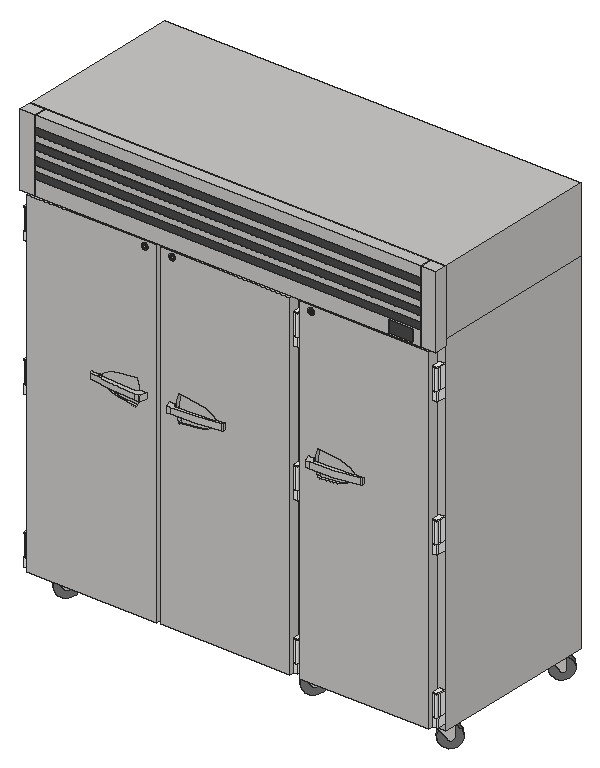
Revit family "QF_Turbo Air_PRO-77F", category Specialty Equipment, Revit 2014
Parameters
  Width = 6' - 5 3/4"  # constant formula
  Weight in Pounds = 728
  Watermarked By = ""
  Volts = 208 V
  URL Cutsheet = ""
  URL = "www.turboairinc.com"
  Status [instance] = ""
  Specification by User [instance] = ""
  Specification by Manufacturer [instance] = ""
  Serial Number [instance] = ""
  Revision Code [instance] = ""
  Phase = 1
  Overall Height [instance] = Box Height + CasterLeg Height  # 6' - 11"
  Number of Poles [instance] = 1
  NAFEM Spec ID Number [instance] = ""
  Model = "PRO-77F"
  Masterspec [instance] = ""
  Manufacturer = "Turbo Air"  # constant formula
  Door Height = 5' - 3 1/4"  # constant formula
  Description = "Freezer, Reach In"
  Assembly Code = "E1090320"
  6 inch Legs [instance] = no
  Item Number [instance] = "-"
  Installed By [instance] = ""
  HP = "1 1/2"
  Furnished By [instance] = ""
  Foodservice Equipment Identifier = yes
  FL Amps = 10.4 A
  Electrical Remarks [instance] = ""
  Electric Connection Type = "115/208V-230V NEUTRAL REQUIRED"
  Elec Conn RI Height [instance] = 0' - 0"
  Elec Conn Connection Height = 6' - 4 7/8"
  Cycle = 60 Hz
  Conn Plug = "NEMA L14-20P"
  Casters [instance] = not([6 inch Legs])  # yes
  CasterLeg Height [instance] = if(or([5 inch Casters], [6 inch Legs]), 0' 6", 0' 5")  # 0' - 5"
  CSI MasterFormat = "11 41 13"
  Box Height = 6' - 6"  # constant formula
  Apparent Power = if(Phase = 3, Volts * FL Amps * 1.73, Volts * FL Amps)  # 2163.2 VA
  5 inch Casters [instance] = no
Reference planes (in)
  plane 1 "BACK": y = 0
  plane 2: z = 0
  plane 3 "LEFT": x = -16.56573
  plane 4 "RIGHT": x = 61.18427
  plane 5 "FRONT": y = -33.875
  plane 6 "Box Front": y = -31.5
  plane 7 "Door Clearance": y = -57.75
  plane 8 "TOP": z = 83
  plane 9 "Box Bottom": z = 5
  plane 10 "Door Bottom": z = 5.875
  plane 11 "Door Top": z = 69.125
  plane 12 "Inside Left": x = -14.56573
  plane 13 "Inside Right": x = 59.18427
  plane 14 "Inside Back": y = -2
  plane 15 "Inside Front": y = -29.5
  plane 16 "Inside Top": z = 70.75
  plane 17 "Center LR": x = 22.30927
  plane 18 "Cowl Bottom": z = 69.5
  plane 19 "Left Door Left": x = -15.31573
  plane 20 "Left Door Right": x = 8.93427
  plane 21 "Right Door Left": x = 35.68427
  plane 22 "Right Door Right": x = 59.93427
  plane 23 "Center Left": x = 9.30927
  plane 24 "Middle Door Left": x = 9.68427
  plane 25 "Middle Door Right": x = 33.93427
  plane 26 "Center Right": x = 35.30927
Forms (in)
  Extrusion 1, solid, material "QF_Stainless-Polished"
    sketch origin (0, 0, 5) x (0, 1, 0) y (-1, 0, 0)
      loop
        line (-31.5, 16.56573) -> (-31.5, 13.81573) -> (-29.5, 13.81573) -> (-29.5, 14.56573) -> (-2, 14.56573) -> (-2, -59.18427) -> (-29.5, -59.18427) -> (-29.5, -58.43427) -> (-31.5, -58.43427) -> (-31.5, -61.18427) -> (0, -61.18427) -> (0, 16.56573) -> (-31.5, 16.56573)
    from 0 to 65.75
  Extrusion 2, solid, material "QF_Stainless-Polished"
    sketch origin (-14.56573, 0, 0) x (0, 1, 0) y (0, 0, 1)
      loop
        line (-29.5, 7.75) -> (-29.5, 5) -> (-2, 5) -> (-2, 7.75) -> (-29.5, 7.75)
      loop
        line (-29.5, 70.75) -> (-29.5, 69.375) -> (-2, 69.375) -> (-2, 70.75) -> (-29.5, 70.75)
    from 0 to 73.75
  Extrusion 3, solid, material "QF_Stainless-Polished"
    sketch origin (-14.56573, 0, 0) x (0, 1, 0) y (0, 0, 1)
      loop
        line (-29.5, 5) -> (-29.5, 8.25) -> (-31.5, 8.25) -> (-31.5, 5) -> (-29.5, 5)
      loop
        line (-31.5, 70.75) -> (-31.5, 67) -> (-29.5, 67) -> (-29.5, 70.75) -> (-31.5, 70.75)
    from 0.75 to 73
  Extrusion 4, solid, material "QF_Stainless-Polished"
    sketch origin (0, 0, 83) x (0, 1, 0) y (-1, 0, 0)
      loop
        line (0, 16.56573) -> (-31.5, 16.56573) -> (-31.5, -61.18427) -> (0, -61.18427) -> (0, 16.56573)
    from 0 to -12.25
  Extrusion 5, solid, material "QF_Stainless-Polished"
    sketch origin (-14.56573, 0, 0) x (0, 1, 0) y (0, 0, 1)
      loop
        line (-2, 69.375) -> (-27.25, 69.375) -> (-25, 68.125) -> (-13.25, 68.125) -> (-3.25, 65.625) -> (-2, 65.625) -> (-2, 69.375)
    from 0 to 73.75
  Extrusion 6, solid, material "QF_Stainless-Polished"
    sketch origin (22.30927, 0, 0) x (0, 1, 0) y (0, 0, 1)
      loop
        line (-3.25, 65.625) -> (-3.25, 28.875) -> (-2, 28.875) -> (-2, 65.625) -> (-3.25, 65.625)
    from 0.25 to -0.25
  Extrusion 7, solid, material "QF_Plastic-Black-Fine Textured"
    sketch origin (0, -31.5, 0) x (1, 0, 0) y (0, 0, 1)
      loop
        line (-14.31573, 67.75) -> (-14.31573, 7.25) -> (7.93427, 7.25) -> (7.93427, 67.75) -> (-14.31573, 67.75)
      loop
        line (58.93427, 7.25) -> (58.93427, 67.75) -> (36.68427, 67.75) -> (36.68427, 7.25) -> (58.93427, 7.25)
      loop
        line (-14.56573, 7) -> (8.18427, 7) -> (8.18427, 68) -> (-14.56573, 68) -> (-14.56573, 7)
      loop
        line (59.18427, 68) -> (36.43427, 68) -> (36.43427, 7) -> (59.18427, 7) -> (59.18427, 68)
      loop
        line (10.68427, 67.75) -> (10.68427, 7.25) -> (32.93427, 7.25) -> (32.93427, 67.75) -> (10.68427, 67.75)
      loop
        line (10.43427, 7) -> (33.18427, 7) -> (33.18427, 68) -> (10.43427, 68) -> (10.43427, 7)
    from 0 to 0.625
  Extrusion 8, solid, material "QF_Stainless-Polished"
    sketch origin (0, -31.5, 0) x (1, 0, 0) y (0, 0, 1)
      loop
        line (-16.56573, 83) -> (-16.56573, 69.5) -> (-13.75323, 69.5) -> (-13.75323, 83) -> (-16.56573, 83)
      loop
        line (61.18427, 83) -> (58.37177, 83) -> (58.37177, 69.5) -> (61.18427, 69.5) -> (61.18427, 83)
    from 0 to 2.375
  Extrusion 9, solid, material "QF_Stainless-Polished"
    sketch origin (0, -31.5, 0) x (1, 0, 0) y (0, 0, 1)
      loop
        line (-13.75323, 83) -> (-13.75323, 81) -> (58.37177, 81) -> (58.37177, 83) -> (-13.75323, 83)
      loop
        line (-13.75323, 69.5) -> (58.37177, 69.5) -> (58.37177, 72.25) -> (-13.75323, 72.25) -> (-13.75323, 69.5)
      loop
        arc (56.87177, 71.75) -> (56.81686, 71.88258) -> (56.68427, 71.9375) r 0.1875
        line (56.68427, 71.9375) -> (52.55927, 71.9375)
        arc (52.55927, 71.9375) -> (52.42669, 71.88258) -> (52.37177, 71.75) r 0.1875
        line (52.37177, 71.75) -> (52.37177, 69.9375)
        arc (52.37177, 69.9375) -> (52.42669, 69.80492) -> (52.55927, 69.75) r 0.1875
        line (52.55927, 69.75) -> (56.68427, 69.75)
        arc (56.68427, 69.75) -> (56.81686, 69.80492) -> (56.87177, 69.9375) r 0.1875
        line (56.87177, 69.9375) -> (56.87177, 71.75)
    from 0 to 2.375
  Extrusion 10, solid, material "QF_Stainless-Polished"
    sketch origin (0, -31.5, 0) x (1, 0, 0) y (0, 0, 1)
      loop
        line (-13.75323, 79.6875) -> (-13.75323, 78.5625) -> (58.37177, 78.5625) -> (58.37177, 79.6875) -> (-13.75323, 79.6875)
      loop
        line (58.37177, 77.1875) -> (-13.75323, 77.1875) -> (-13.75323, 76.0625) -> (58.37177, 76.0625) -> (58.37177, 77.1875)
      loop
        line (58.37177, 74.6875) -> (-13.75323, 74.6875) -> (-13.75323, 73.5625) -> (58.37177, 73.5625) -> (58.37177, 74.6875)
    from 0 to 2.375
  Extrusion 11, solid, material "QF_Plastic-Black-Fine Textured"
    sketch origin (0, -31.5, 0) x (1, 0, 0) y (0, 0, 1)
      loop
        line (-13.75323, 81) -> (-13.75323, 79.6875) -> (58.37177, 79.6875) -> (58.37177, 81) -> (-13.75323, 81)
      loop
        line (-13.75323, 78.5625) -> (-13.75323, 77.1875) -> (58.37177, 77.1875) -> (58.37177, 78.5625) -> (-13.75323, 78.5625)
      loop
        line (-13.75323, 76.0625) -> (-13.75323, 74.6875) -> (58.37177, 74.6875) -> (58.37177, 76.0625) -> (-13.75323, 76.0625)
      loop
        line (-13.75323, 73.5625) -> (-13.75323, 72.25) -> (58.37177, 72.25) -> (58.37177, 73.5625) -> (-13.75323, 73.5625)
    from 0 to 2.375
  Extrusion 12, solid, material "QF_Plastic-Black-Fine Textured"
    sketch origin (0, -31.5, 0) x (1, 0, 0) y (0, 0, 1)
      loop
        arc (52.55927, 71.9375) -> (52.42669, 71.88258) -> (52.37177, 71.75) r 0.1875
        line (52.37177, 71.75) -> (52.37177, 69.9375)
        arc (52.37177, 69.9375) -> (52.42669, 69.80492) -> (52.55927, 69.75) r 0.1875
        line (52.55927, 69.75) -> (56.68427, 69.75)
        arc (56.68427, 69.75) -> (56.81686, 69.80492) -> (56.87177, 69.9375) r 0.1875
        line (56.87177, 69.9375) -> (56.87177, 71.75)
        arc (56.87177, 71.75) -> (56.81686, 71.88258) -> (56.68427, 71.9375) r 0.1875
        line (56.68427, 71.9375) -> (52.55927, 71.9375)
    from 0 to 2.375
  Extrusion 13, solid, material "QF_Clearance", detail levels coarse+medium
    sketch origin (0, 0, 5.875) x (0, 1, 0) y (-1, 0, 0)
      loop
        line (-33.875, 16.56573) -> (-57.75, 16.56573)
        arc (-57.75, 16.56573) -> (-51.23446, -1.26072) -> (-33.875, -8.93427) r 24.25
        line (-33.875, -8.93427) -> (-33.875, 16.56573)
    from 0 to 63.25
  Extrusion 14, solid, material "QF_Clearance", detail levels coarse+medium
    sketch origin (26.25, 0, 5.875) x (0, 1, 0) y (-1, 0, 0)
      loop
        arc (-33.875, -9.43427) -> (-51.23446, -17.10783) -> (-57.75, -34.93427) r 24.25
        line (-57.75, -34.93427) -> (-33.875, -34.93427) -> (-33.875, -9.43427)
    from 0 to 63.25
  Extrusion 15, solid, material "QF_Stainless-Polished"
    sketch origin (0, -31.5, 0) x (1, 0, 0) y (0, 0, 1)
      loop
        line (11.24677, 67) -> (7.37177, 67) -> (7.37177, 8.25) -> (11.24677, 8.25) -> (11.24677, 67)
      loop
        line (37.24677, 67) -> (32.74677, 67) -> (32.74677, 8.25) -> (37.24677, 8.25) -> (37.24677, 67)
    from 0 to -2
  Extrusion 16, solid, material "QF_Clearance", detail levels coarse+medium
    sketch origin (0.25, 0, 5.875) x (0, 1, 0) y (-1, 0, 0)
      loop
        arc (-33.875, -9.43427) -> (-51.83307, -17.70642) -> (-57.75, -36.57201) r 24.37499
        line (-57.75, -36.57201) -> (-33.875, -36.57201) -> (-33.875, -9.43427)
    from 0 to 63.25
Lines and regions (in)
  symbolic lines
    curve 1: line (-16.56573, 0, 83) -> (61.18427, 0, 83)
    curve 2: line (-16.56573, -33.875, 83) -> (-16.56573, 0, 83)
    curve 3: line (61.18427, -33.875, 83) -> (-16.56573, -33.875, 83)
    curve 4: line (61.18427, 0, 83) -> (61.18427, -33.875, 83)
  symbolic lines, style "QF_Clearances_Door_Drawer"
    curve 5: line (-16.56573, -33.875, 5.875) -> (-16.56573, -57.75, 5.875)
    curve 6: arc (-16.56573, -57.75, 5.875) -> (1.26072, -51.23446, 5.875) -> (8.93427, -33.875, 5.875) r 24.25
    curve 7: arc (35.68427, -33.875, 5.875) -> (43.35783, -51.23446, 5.875) -> (61.18427, -57.75, 5.875) r 24.25
    curve 8: line (61.18427, -57.75, 5.875) -> (61.18427, -33.875, 5.875)
    curve 9: arc (9.68427, -33.875, 5.875) -> (17.95642, -51.83307, 5.875) -> (36.82201, -57.75, 5.875) r 24.37499
    curve 10: line (36.82201, -57.75, 5.875) -> (36.82201, -33.875, 5.875)
Dimensions and locks (in)
  "Width": plane 4 "RIGHT" to plane 3 "LEFT"
  plane 5 "FRONT" to plane 6 "Box Front" = 0' - 2 3/8"
  locked: plane 7 "Door Clearance" to plane 5 "FRONT" at 23.875
  "CasterLeg Height": plane 9 "Box Bottom" to level
  locked: plane 10 "Door Bottom" to plane 9 "Box Bottom" at 0.875
  "Box Height": plane 8 "TOP" to plane 9 "Box Bottom"
  locked: plane 8 "TOP" to plane 11 "Door Top" at 13.875
  locked: plane 3 "LEFT" to plane 12 "Inside Left" at 2
  locked: plane 13 "Inside Right" to plane 4 "RIGHT" at 2
  locked: plane 14 "Inside Back" to plane 1 "BACK" at 2
  plane 6 "Box Front" to plane 15 "Inside Front" = 0' - 2"
  locked: plane 12 "Inside Left" to Extrusion 1 sketch curve at 0.75
  locked: Extrusion 1 sketch curve to plane 13 "Inside Right" at 0.75
  locked: plane 8 "TOP" to plane 16 "Inside Top" at 12.25
  locked: plane 9 "Box Bottom" to Extrusion 2 sketch curve at 2.75
  locked: Extrusion 3 sketch curve to plane 9 "Box Bottom" at 3.25
  locked: plane 16 "Inside Top" to Extrusion 2 sketch curve at 1.375
  locked: Extrusion 3 sketch curve to plane 16 "Inside Top" at 3.75
  locked: plane 16 "Inside Top" to Extrusion 5 sketch curve at 1.375
  locked: Extrusion 5 sketch curve to Extrusion 5 sketch curve at 1.25
  locked: Extrusion 5 sketch curve to Extrusion 5 sketch curve at 11.75
  locked: Extrusion 5 sketch curve to plane 14 "Inside Back" at 25.25
  locked: Extrusion 5 sketch curve to plane 14 "Inside Back" at 1.25
  locked: Extrusion 5 sketch curve to plane 14 "Inside Back" at 11.25
  locked: Extrusion 5 sketch curve to Extrusion 5 sketch curve at 3.75
  equal spacing: plane 3 "LEFT", plane 17 "Center LR", plane 4 "RIGHT"
  locked: plane 16 "Inside Top" to Extrusion 6 sketch curve at 5.125
  locked: Extrusion 6 sketch curve to Extrusion 6 sketch curve at 36.75
  locked: Extrusion 6 sketch curve to plane 14 "Inside Back" at 1.25
  locked: Extrusion 7 sketch curve to Extrusion 7 sketch curve at 0.25  (x12)
  locked: Extrusion 7 sketch curve to plane 3 "LEFT" at 2
  locked: Extrusion 7 sketch curve to plane 4 "RIGHT" at 2
  locked: plane 11 "Door Top" to Extrusion 7 sketch curve at 1.125  (x3)
  locked: Extrusion 7 sketch curve to plane 10 "Door Bottom" at 1.125  (x3)
  locked: plane 18 "Cowl Bottom" to plane 11 "Door Top" at 0.375
  locked: plane 3 "LEFT" to nested 1 at 3
  locked: nested 1 to plane 1 "BACK" at 2.5
  locked: plane 3 "LEFT" to nested 2 at 3
  locked: plane 6 "Box Front" to nested 2 at 2.8125
  locked: nested 3 to plane 4 "RIGHT" at 3
  locked: nested 3 to plane 1 "BACK" at 2.5
  locked: nested 4 to plane 4 "RIGHT" at 3
  locked: plane 6 "Box Front" to nested 4 at 2.8125
  locked: plane 3 "LEFT" to Extrusion 8 sketch curve at 2.8125
  locked: Extrusion 8 sketch curve to plane 4 "RIGHT" at 2.8125
  locked: Extrusion 9 sketch curve to plane 3 "LEFT" at 2.8125  (x2)
  locked: plane 8 "TOP" to Extrusion 9 sketch curve at 2
  locked: Extrusion 9 sketch curve to plane 4 "RIGHT" at 2.8125  (x2)
  locked: Extrusion 9 sketch curve to plane 18 "Cowl Bottom" at 2.75
  locked: Extrusion 9 sketch curve to Extrusion 9 sketch curve at 4.5
  locked: Extrusion 9 sketch curve to plane 4 "RIGHT" at 4.3125
  locked: Extrusion 9 sketch curve to Extrusion 9 sketch curve at 2.1875
  locked: Extrusion 9 sketch curve to Extrusion 9 sketch curve at 0.3125
  locked: Extrusion 10 sketch curve to plane 3 "LEFT" at 2.8125  (x3)
  locked: Extrusion 10 sketch curve to plane 4 "RIGHT" at 2.8125  (x3)
  locked: plane 8 "TOP" to Extrusion 10 sketch curve at 3.3125
  locked: Extrusion 10 sketch curve to Extrusion 10 sketch curve at 1.125  (x3)
  locked: Extrusion 10 sketch curve to Extrusion 10 sketch curve at 1.375  (x2)
  locked: plane 3 "LEFT" to plane 19 "Left Door Left" at 1.25
  locked: plane 19 "Left Door Left" to plane 20 "Left Door Right" at 24.25
  locked: plane 22 "Right Door Right" to plane 4 "RIGHT" at 1.25
  locked: plane 21 "Right Door Left" to plane 22 "Right Door Right" at 24.25
  locked: plane 16 "Inside Top" to Extrusion 15 sketch curve at 3.75  (x2)
  locked: Extrusion 15 sketch curve to plane 9 "Box Bottom" at 3.25  (x2)
  locked: Extrusion 7 sketch curve to plane 20 "Left Door Right" at 0.75
  locked: Extrusion 7 sketch curve to plane 21 "Right Door Left" at 0.75
  plane 20 "Left Door Right" to plane 23 "Center Left" to plane 24 "Middle Door Left" = 0' - 0 3/8" locked, 0' - 0 3/8" locked
  locked: plane 26 "Center Right" to plane 21 "Right Door Left" at 0.375
  locked: plane 25 "Middle Door Right" to plane 21 "Right Door Left" at 1.75
  locked: Extrusion 7 sketch curve to plane 24 "Middle Door Left" at 0.75
  locked: plane 25 "Middle Door Right" to Extrusion 7 sketch curve at 0.75
  locked: Extrusion 15 sketch curve to plane 23 "Center Left" at 1.9375  (x2)
  locked: Extrusion 15 sketch curve to plane 26 "Center Right" at 1.9375
  locked: Extrusion 15 sketch curve to Extrusion 15 sketch curve at 4.5
  locked: nested 8 to plane 1 "BACK" at 2.5
  locked: nested 8 to plane 21 "Right Door Left" at 3
  locked: nested 9 to plane 21 "Right Door Left" at 3
  locked: plane 6 "Box Front" to nested 9 at 2.8125
  locked: plane 6 "Box Front" to plane 1 "BACK" at 31.5
  aligned and locked: level to plane 2
  aligned and locked: Extrusion 1 sketch curve to plane 3 "LEFT"
  aligned and locked: plane 12 "Inside Left" to Extrusion 1 sketch curve
  aligned and locked: Extrusion 1 sketch curve to plane 13 "Inside Right"
  aligned and locked: plane 4 "RIGHT" to Extrusion 1 sketch curve
  aligned and locked: plane 14 "Inside Back" to Extrusion 1 sketch curve
  aligned and locked: Extrusion 1 sketch curve to plane 1 "BACK"
  aligned and locked: Extrusion 1 sketch curve to plane 15 "Inside Front"  (x2)
  aligned and locked: plane 6 "Box Front" to Extrusion 1 sketch curve  (x2)
  aligned and locked: plane 16 "Inside Top" to Extrusion 1
  aligned and locked: plane 9 "Box Bottom" to Extrusion 2 sketch curve
  aligned and locked: plane 15 "Inside Front" to Extrusion 2 sketch curve
  aligned and locked: plane 14 "Inside Back" to Extrusion 2 sketch curve  (x2)
  aligned and locked: plane 13 "Inside Right" to Extrusion 2
  aligned and locked: plane 6 "Box Front" to Extrusion 3 sketch curve  (x2)
  aligned and locked: Extrusion 3 sketch curve to plane 9 "Box Bottom"
  aligned and locked: Extrusion 3 sketch curve to plane 15 "Inside Front"  (x2)
  aligned and locked: Extrusion 3 to Extrusion 1  (x2)
  aligned and locked: Extrusion 2 sketch curve to plane 16 "Inside Top"
  aligned and locked: Extrusion 2 sketch curve to plane 15 "Inside Front"
  aligned and locked: plane 16 "Inside Top" to Extrusion 3 sketch curve
  aligned and locked: plane 1 "BACK" to Extrusion 4 sketch curve
  aligned and locked: plane 3 "LEFT" to Extrusion 4 sketch curve
  aligned and locked: Extrusion 4 sketch curve to plane 6 "Box Front"
  aligned and locked: Extrusion 4 sketch curve to plane 4 "RIGHT"
  aligned and locked: Extrusion 4 to plane 16 "Inside Top"
  aligned and locked: plane 14 "Inside Back" to Extrusion 5 sketch curve
  aligned and locked: plane 13 "Inside Right" to Extrusion 5
  aligned and locked: Extrusion 6 sketch curve to plane 14 "Inside Back"
  aligned and locked: plane 5 "FRONT" to Extrusion 8
  aligned and locked: plane 3 "LEFT" to curve 2
  aligned and locked: curve 3 to plane 5 "FRONT"
  aligned and locked: curve 4 to plane 4 "RIGHT"
  aligned and locked: plane 1 "BACK" to curve 1
  aligned and locked: plane 18 "Cowl Bottom" to Extrusion 8 sketch curve
  aligned and locked: plane 3 "LEFT" to Extrusion 8 sketch curve
  aligned and locked: Extrusion 8 sketch curve to plane 8 "TOP"
  aligned and locked: plane 8 "TOP" to Extrusion 8 sketch curve
  aligned and locked: plane 4 "RIGHT" to Extrusion 8 sketch curve
  aligned and locked: Extrusion 8 sketch curve to plane 18 "Cowl Bottom"
  aligned and locked: Extrusion 9 sketch curve to plane 8 "TOP"
  aligned and locked: plane 18 "Cowl Bottom" to Extrusion 9 sketch curve
  aligned and locked: plane 5 "FRONT" to Extrusion 9
  aligned and locked: plane 5 "FRONT" to Extrusion 10
  aligned and locked: Extrusion 11 sketch curve to Extrusion 9  (x4)
  aligned and locked: Extrusion 11 sketch curve to Extrusion 10  (x12)
  aligned and locked: plane 5 "FRONT" to Extrusion 11
  aligned and locked: Extrusion 12 sketch curve to Extrusion 9  (x4)
  aligned and locked: plane 5 "FRONT" to Extrusion 12
  aligned and locked: plane 10 "Door Bottom" to nested 5
  aligned and locked: nested 5 to plane 11 "Door Top"
  aligned and locked: plane 3 "LEFT" to nested 5
  aligned and locked: plane 20 "Left Door Right" to nested 5
  aligned and locked: plane 11 "Door Top" to Extrusion 13
  aligned and locked: nested 6 to plane 10 "Door Bottom"
  aligned and locked: plane 4 "RIGHT" to nested 6
  aligned and locked: plane 11 "Door Top" to Extrusion 14
  aligned and locked: nested 7 to plane 10 "Door Bottom"
  aligned and locked: plane 25 "Middle Door Right" to nested 7
  aligned and locked: plane 11 "Door Top" to Extrusion 16
Automatic sketch dimensions
  Extrusion 9 sketch curve to Extrusion 9 sketch curve = 0' - 0 3/16"  (x4)
  curve 7 to plane 4 "RIGHT" = 0' - 0"
  plane 7 "Door Clearance" to curve 7 = 0' - 0"
  curve 5 to plane 3 "LEFT" = 0' - 0"
  plane 7 "Door Clearance" to curve 5 = 0' - 0"
  plane 7 "Door Clearance" to curve 10 = 0' - 0"
  plane 5 "FRONT" to curve 5 = 0' - 0"
  plane 5 "FRONT" to curve 6 = 0' - 0"
  plane 5 "FRONT" to curve 7 = 0' - 0"
  plane 5 "FRONT" to curve 8 = 0' - 0"
  plane 5 "FRONT" to curve 9 = 0' - 0"
  plane 5 "FRONT" to curve 10 = 0' - 0"
  curve 7 to plane 21 "Right Door Left" = 0' - 0"
  curve 9 to plane 24 "Middle Door Left" = 0' - 0"
  curve 6 to plane 20 "Left Door Right" = 0' - 0"
  plane 19 "Left Door Left" to curve 6 = 0' - 0.00242"
  curve 7 to plane 22 "Right Door Right" = 0' - 0.00242"
  plane 25 "Middle Door Right" to curve 9 = 0' - 0.12258"
  curve 10 to curve 9 = 0' - 0.34264"
  Extrusion 13 sketch curve to plane 3 "LEFT" = 0' - 0"
  plane 7 "Door Clearance" to Extrusion 13 sketch curve = 0' - 0"
  plane 5 "FRONT" to Extrusion 13 sketch curve = 0' - 0"
  Extrusion 13 sketch curve to plane 20 "Left Door Right" = 0' - 0"
  plane 19 "Left Door Left" to Extrusion 13 sketch curve = 0' - 0.00242"
  Extrusion 14 sketch curve to plane 4 "RIGHT" = 0' - 0"
  plane 7 "Door Clearance" to Extrusion 14 sketch curve = 0' - 0"
  plane 5 "FRONT" to Extrusion 14 sketch curve = 0' - 0"
  Extrusion 14 sketch curve to plane 21 "Right Door Left" = 0' - 0"
  Extrusion 14 sketch curve to plane 22 "Right Door Right" = 0' - 0.00242"
  plane 7 "Door Clearance" to Extrusion 16 sketch curve = 0' - 0"
  plane 5 "FRONT" to Extrusion 16 sketch curve = 0' - 0"
  Extrusion 16 sketch curve to plane 24 "Middle Door Left" = 0' - 0"
  plane 25 "Middle Door Right" to Extrusion 16 sketch curve = 0' - 0.12258"
  Extrusion 16 sketch curve to Extrusion 16 sketch curve = 0' - 0.34264"
Nested families (in)
  nested 1: "FESCasterLeg" at (-13.56573, -2.5, 0), Casters <- "Casters", Legs <- "6 inch Legs", Height <- "CasterLeg Height", type "FESCasterLeg"
    with Legs no, Height 0' - 5", Casters yes, Caster Radius 0' - 2"
  nested 2: "FESCasterLeg" at (-13.56573, -28.6875, 0), Casters <- "Casters", Legs <- "6 inch Legs", Height <- "CasterLeg Height", type "FESCasterLeg"
    with Legs no, Height 0' - 5", Casters yes, Caster Radius 0' - 2"
  nested 3: "FESCasterLeg" at (58.18427, -2.5, 0), Casters <- "Casters", Legs <- "6 inch Legs", Height <- "CasterLeg Height", type "FESCasterLeg"
    with Legs no, Height 0' - 5", Casters yes, Caster Radius 0' - 2"
  nested 4: "FESCasterLeg" at (58.18427, -28.6875, 0), Casters <- "Casters", Legs <- "6 inch Legs", Height <- "CasterLeg Height", type "FESCasterLeg"
    with Legs no, Height 0' - 5", Casters yes, Caster Radius 0' - 2"
  nested 5: "QF_Turbo Air_RI-Solid Door" at (-7.63145, -32.125, 5.875) x (-1, 0, 0) z (0, 0, 1), Height <- "Door Height", type "QF_Turbo Air_RI-Solid Door"
    with Width 2' - 0 1/4", Symbolic Lines Handle yes, Symbolic Lines no, Height 5' - 3 1/4", Handle From Top 2' - 1 7/8", Center Hinge yes
  nested 6: "QF_Turbo Air_RI-Solid Door" at (52.25, -32.125, 5.875), Height <- "Door Height", type "QF_Turbo Air_RI-Solid Door"
    with Width 2' - 0 1/4", Symbolic Lines Handle yes, Symbolic Lines no, Height 5' - 3 1/4", Handle From Top 2' - 1 7/8", Center Hinge yes
  nested 7: "QF_Turbo Air_RI-Solid Door" at (26.25, -32.125, 5.875), Height <- "Door Height", type "QF_Turbo Air_RI-Solid Door"
    with Width 2' - 0 1/4", Symbolic Lines Handle yes, Symbolic Lines no, Height 5' - 3 1/4", Handle From Top 2' - 1 7/8", Center Hinge yes
  nested 8: "FESCasterLeg" at (32.68427, -2.5, 0), Casters <- "Casters", Legs <- "6 inch Legs", Height <- "CasterLeg Height", type "FESCasterLeg"
    with Legs no, Height 0' - 5", Casters yes, Caster Radius 0' - 2"
  nested 9: "FESCasterLeg" at (32.68427, -28.6875, 0), Casters <- "Casters", Legs <- "6 inch Legs", Height <- "CasterLeg Height", type "FESCasterLeg"
    with Legs no, Height 0' - 5", Casters yes, Caster Radius 0' - 2"
Connectors (in)
  electrical at (22.30927, 0, 76.875)
    settings: on Extrusion 4, index 1, voltage 0 V, apparent load 0 VA, apparent load phase1 0 VA, apparent load phase2 0 VA, apparent load phase3 0 VA, power factor 1, load classification "Other", number of poles 1, system type 31, power factor state 1, is connector primary yes, connector utility no, sub classification motor no, connector description ""
Definition of nested family "FESCasterLeg"
  Parameters
    Watermarked By = "http://revitwatermark.com"
    Type Comments = ""
    Legs [instance] = yes
    Height [instance] = 0' - 6"
    Caster Radius [instance] = if(Height < 0' 3", 0' 1", (Height / 2) - 0' 0 1/2")  # 0' - 2 1/2"
    Casters [instance] = yes
    Assembly Code = ""
  Reference planes (in)
    plane 1 "Center (Front/Back)": y = 0
    plane 2: z = 0
    plane 3 "Center (Left/Right)": x = 0
    plane 4: z = 6
    plane 5: z = 5.5
  Forms (in)
    Extrusion 1, solid, material "QF_Stainless-Polished", visible <- "Casters"
      sketch origin (-24.12131, -22.88887, 10.18833) x (0.707107, 0.707107, 0) y (0, 0, 1)
        loop
          line (34.98772, -7.68833) -> (34.98772, -4.93833) -> (34.48772, -4.93833) -> (34.39402, -4.68833) -> (32.39402, -4.68833) -> (32.39402, -5.43833) -> (33.98772, -7.34206) -> (33.98772, -7.68833)
          arc (33.98772, -7.68833) -> (34.48772, -8.18833) -> (34.98772, -7.68833) r 0.5
      from 0 to 1.75
    Extrusion 2, solid, material "QF_Rubber-Black", visible <- "Casters"
      sketch origin (-24.32327, -23.09083, 13.31461) x (0.707107, 0.707107, 0) y (0, 0, 1)
        loop
          circle (34.77334, -10.81461) r 2.5
      from 0.375 to 1.375
    Extrusion 3, solid, material "QF_Stainless-Polished", visible <- "Casters"
      sketch origin (-7.24148, -8.48391, 0) x (0.707107, 0.707107, 0) y (0, 0, 1)
        loop
          line (10.61603, 5.5) -> (11.61603, 5.5) -> (11.61603, 6) -> (10.61603, 6) -> (10.61603, 5.5)
      from 0 to -1.75
    Blend 4, solid, material "QF_Stainless-Polished", visible <- "Legs"
      base sketch origin (0, 0, 0) x (1, 0, 0) y (0, 1, 0)
        loop
          circle (0, 0) r 0.5
      top sketch origin (0, 0, 0) x (1, 0, 0) y (0, 1, 0)
        loop
          circle (0, 0) r 1
      from 0 to 6 <- "Height"
  Lines and regions (in)
    symbolic lines, style "QF_Details_Undercounter", visible <- "Casters", built-in parameter 1006206 <- "Casters"
      curve 1: line (-1.26158, -0.51911, 0) -> (1.39007, 2.13254, 0)
      curve 2: line (-0.53429, -1.24639, 0) -> (2.11736, 1.40526, 0)
    symbolic lines, style "QF_Details_Undercounter", built-in parameter 1006206 <- "Casters", visible <- "Casters"
      curve 3: line (-1.26158, -0.51911, 0) -> (1.39007, 2.13254, 0)
      curve 4: line (-0.53429, -1.24639, 0) -> (2.11736, 1.40526, 0)
  Dimensions and locks (in)
    locked: plane 4 to plane 5 at 0.5
    "Height": plane 4 to level
    "Caster Radius": Extrusion 2 sketch curve to level
    "Caster Radius": Extrusion 1 sketch curve to level
    "Caster Radius": radius of Extrusion 2 sketch curve
    aligned and locked: plane 2 to level
    aligned: Blend 4 to Extrusion 3
    aligned and locked: plane 4 to Blend 4
    aligned and locked: Extrusion 3 to plane 5
    aligned and locked: plane 4 to Extrusion 3
    aligned and locked: plane 5 to Extrusion 1
  Automatic sketch dimensions
    plane 1 "Center (Front/Back)" to curve 3 = 0' - 0.51911"
    curve 3 to plane 3 "Center (Left/Right)" = 0' - 1.26158"
    plane 1 "Center (Front/Back)" to curve 1 = 0' - 0.51911"
    curve 1 to curve 3 = 0' - 0"  (x3)
    curve 4 to plane 3 "Center (Left/Right)" = 0' - 0.53429"
    curve 2 to curve 4 = 0' - 0"  (x2)
    plane 3 "Center (Left/Right)" to curve 3 = 0' - 1.39007"
    curve 1 to curve 4 = 0' - 0.72729"
    curve 2 to curve 1 = 0' - 0.72729"
    curve 4 to curve 2 = 0' - 0"  (x2)
    curve 2 to plane 1 "Center (Front/Back)" = 0' - 1.40526"
    curve 2 to curve 3 = 0' - 0.72729"
    Extrusion 3 sketch curve to plane 5 = 0' - 0"
    plane 4 to Extrusion 3 sketch curve = 0' - 0"
    Extrusion 3 sketch curve to Extrusion 3 sketch curve = 0' - 1"
    plane 1 "Center (Front/Back)" to Blend 4 sketch curve = 0' - 0"  (x2)
    Blend 4 sketch curve to plane 3 "Center (Left/Right)" = 0' - 0"  (x2)
    Extrusion 1 sketch curve to plane 5 = 0' - 0"
    Extrusion 1 sketch curve to plane 5 = 0' - 2.65373"
    Extrusion 1 sketch curve to Extrusion 1 sketch curve = 0' - 1.5937"
    Extrusion 1 sketch curve to Extrusion 1 sketch curve = 0' - 2"
    Extrusion 1 sketch curve to Extrusion 1 sketch curve = 0' - 0.0937"
    Extrusion 1 sketch curve to Extrusion 1 sketch curve = 0' - 0 1/2"
    Extrusion 1 sketch curve to plane 5 = 0' - 0 3/4"
    Extrusion 1 sketch curve to plane 5 = 0' - 0 1/4"
    radius of Blend 4 sketch curve = 0' - 0 1/2"
    radius of Blend 4 sketch curve = 0' - 1"
Definition of nested family "QF_Turbo Air_RI-Solid Door"
  Parameters (values of type "QF_Turbo Air_RI-Solid Door")
    Width [instance] = 2' - 2 1/4"
    Watermarked By = ""
    Symbolic Lines Handle [instance] = yes
    Symbolic Lines [instance] = yes
    Height [instance] = 5' - 3 1/4"
    Handle From Top [instance] = 2' - 1 7/8"
    Center Hinge [instance] = yes
  Reference planes (in)
    plane 1 "Door Back": y = 0
    plane 2: z = 0
    plane 3 "LEFT": x = -16.56573
    plane 4 "Door Front": y = -1.75
    plane 5 "Handle Front": y = -3.0625
    plane 6 "Door Right": x = 9.68427
    plane 7 "TOP": z = 63.25
    plane 8 "Handle Elevation": z = 37.375
    plane 9 "Hinge Right": x = 10.93427
    plane 10 "Top Hinge Top": z = 60.75
    plane 11 "Top Hinge Bottom": z = 55
    plane 12: z = 56.625
    plane 13 "Center TB": z = 31.625
    plane 14 "Center Hinge Top": z = 35.0625
    plane 15 "Center Hinge Bottom": z = 29.3125
    plane 16: z = 30.9375
    plane 17 "Bottom Hinge Top": z = 6
    plane 18 "Bottom Hinge Bottom": z = 0.25
    plane 19: z = 1.875
    plane 20 "Hinges Front": y = -1.1875
    plane 21 "Hinges Back": y = 0.625
  Forms (in)
    Extrusion 1, solid, material "QF_Stainless-Polished"
      sketch origin (0, 0, 0) x (1, 0, 0) y (0, 0, 1)
        loop
          line (-16.56573, 63.25) -> (-16.56573, 0) -> (9.68427, 0) -> (9.68427, 63.25) -> (-16.56573, 63.25)
        loop
          arc (-13.15519, 39.61272) -> (-13.41636, 38.50742) -> (-13.50323, 37.375) r 7.3125
          arc (-13.50323, 37.375) -> (-13.41636, 36.24258) -> (-13.15519, 35.13728) r 7.3125
          arc (-13.15519, 35.13728) -> (-13.01711, 34.94724) -> (-12.79306, 34.87662) r 0.375
          arc (-12.79306, 34.87662) -> (-11.04564, 34.98179) -> (-9.31573, 35.25) r 18.6875
          arc (-9.31573, 35.25) -> (-7.55515, 35.84984) -> (-6.00323, 36.875) r 7.30243
          arc (-6.00323, 36.875) -> (-5.85876, 37.375) -> (-6.00323, 37.875) r 0.9375
          arc (-6.00323, 37.875) -> (-7.55515, 38.90016) -> (-9.31573, 39.5) r 7.30243
          arc (-9.31573, 39.5) -> (-11.04564, 39.76821) -> (-12.79306, 39.87338) r 18.6875
          arc (-12.79306, 39.87338) -> (-13.01711, 39.80276) -> (-13.15519, 39.61272) r 0.375
      from 0 to 1.75
    Extrusion 2, solid, material "QF_Stainless-Polished"
      sketch origin (0, 0, 0) x (1, 0, 0) y (0, 0, 1)
        loop
          arc (-13.15519, 39.61272) -> (-13.41636, 38.50742) -> (-13.50323, 37.375) r 7.3125
          arc (-13.50323, 37.375) -> (-13.41636, 36.24258) -> (-13.15519, 35.13728) r 7.3125
          arc (-13.15519, 35.13728) -> (-13.01711, 34.94724) -> (-12.79306, 34.87662) r 0.375
          arc (-12.79306, 34.87662) -> (-11.04564, 34.98179) -> (-9.31573, 35.25) r 18.6875
          arc (-9.31573, 35.25) -> (-7.55515, 35.84984) -> (-6.00323, 36.875) r 7.30243
          arc (-6.00323, 36.875) -> (-5.85876, 37.375) -> (-6.00323, 37.875) r 0.9375
          arc (-6.00323, 37.875) -> (-7.55515, 38.90016) -> (-9.31573, 39.5) r 7.30243
          arc (-9.31573, 39.5) -> (-11.04564, 39.76821) -> (-12.79306, 39.87338) r 18.6875
          arc (-12.79306, 39.87338) -> (-13.01711, 39.80276) -> (-13.15519, 39.61272) r 0.375
      from 0 to 1.25
    Extrusion 3, solid, material "QF_Stainless-Polished"
      sketch origin (0, 0, 37.375) x (0, 1, 0) y (-1, 0, 0)
        loop
          line (-1.75, 14.806) -> (-2.93294, 14.42164)
          arc (-2.93294, 14.42164) -> (-3.02669, 14.35352) -> (-3.0625, 14.24331) r 0.1875
          line (-3.0625, 14.24331) -> (-3.0625, 13.62954)
          arc (-3.0625, 13.62954) -> (-2.88483, 9.14446) -> (-2.21868, 4.70557) r 41.0625
          arc (-2.21868, 4.70557) -> (-2.15347, 4.59812) -> (-2.03505, 4.55599) r 0.1875
          line (-2.03505, 4.55599) -> (-1.75, 4.55599) -> (-1.75, 5.93099) -> (-1.83987, 5.93099)
          arc (-1.83987, 5.93099) -> (-1.96178, 5.97604) -> (-2.02512, 6.08952) r 0.1875
          arc (-2.02512, 6.08952) -> (-2.42253, 9.66014) -> (-2.50243, 13.25191) r 40.5625
          arc (-2.50243, 13.25191) -> (-2.47714, 13.3419) -> (-2.41155, 13.4085) r 0.1875
          line (-2.41155, 13.4085) -> (-1.75, 13.806) -> (-1.75, 14.806)
      from -0.5625 to 0.5625
    Extrusion 4, solid, material "QF_Steel-Chrome Plated"
      sketch origin (0, 0, 0.25) x (0, 1, 0) y (-1, 0, 0)
        loop
          line (0.625, -10.81225) -> (0.625, -9.7438) -> (-0.75, -9.80927) -> (-1.1875, -9.9342) -> (-1.1875, -10.62185) -> (-0.75, -10.74677) -> (0.625, -10.81225)
      from 0 to 1.625
    Extrusion 5, solid, material "QF_Steel-Chrome Plated"
      sketch origin (0, 0, 6) x (0, 1, 0) y (-1, 0, 0)
        loop
          line (-0.5625, -9.68427) -> (-1.1875, -9.68427) -> (-1.1875, -10.27802)
          arc (-1.1875, -10.27802) -> (-0.875, -10.59052) -> (-0.5625, -10.27802) r 0.3125
          line (-0.5625, -10.27802) -> (-0.5625, -9.68427)
      from -0.125 to -4.125
    Extrusion 6, solid, material "QF_Steel-Chrome Plated"
      sketch origin (0, 0, 6) x (0, 1, 0) y (-1, 0, 0)
        loop
          line (0.625, -9.7438) -> (-0.25, -9.78547) -> (-0.25, -10.77058) -> (0.625, -10.81225) -> (0.625, -9.7438)
      from -0.125 to -4.125
    Extrusion 7, solid, material "QF_Steel-Chrome Plated"
      sketch origin (0, 0, 6) x (0, 1, 0) y (-1, 0, 0)
        loop
          line (0.625, -10.81225) -> (0.625, -9.7438) -> (-0.75, -9.80927) -> (-1.1875, -9.9342) -> (-1.1875, -10.62185) -> (-0.75, -10.74677) -> (0.625, -10.81225)
      from 0 to -0.125
    Extrusion 8, solid, material "QF_Steel-Chrome Plated", visible <- "Center Hinge"
      sketch origin (0, 0, 29.3125) x (0, 1, 0) y (-1, 0, 0)
        loop
          line (0.625, -10.81225) -> (0.625, -9.7438) -> (-0.75, -9.80927) -> (-1.1875, -9.9342) -> (-1.1875, -10.62185) -> (-0.75, -10.74677) -> (0.625, -10.81225)
      from 0 to 1.625
    Extrusion 9, solid, material "QF_Steel-Chrome Plated", visible <- "Center Hinge"
      sketch origin (0, 0, 35.0625) x (0, 1, 0) y (-1, 0, 0)
        loop
          line (-0.5625, -9.68427) -> (-1.1875, -9.68427) -> (-1.1875, -10.27802)
          arc (-1.1875, -10.27802) -> (-0.875, -10.59052) -> (-0.5625, -10.27802) r 0.3125
          line (-0.5625, -10.27802) -> (-0.5625, -9.68427)
      from -0.125 to -4.125
    Extrusion 10, solid, material "QF_Steel-Chrome Plated", visible <- "Center Hinge"
      sketch origin (0, 0, 35.0625) x (0, 1, 0) y (-1, 0, 0)
        loop
          line (0.625, -9.7438) -> (-0.25, -9.78547) -> (-0.25, -10.77058) -> (0.625, -10.81225) -> (0.625, -9.7438)
      from -0.125 to -4.125
    Extrusion 11, solid, material "QF_Steel-Chrome Plated", visible <- "Center Hinge"
      sketch origin (0, 0, 35.0625) x (0, 1, 0) y (-1, 0, 0)
        loop
          line (0.625, -10.81225) -> (0.625, -9.7438) -> (-0.75, -9.80927) -> (-1.1875, -9.9342) -> (-1.1875, -10.62185) -> (-0.75, -10.74677) -> (0.625, -10.81225)
      from 0 to -0.125
    Extrusion 12, solid, material "QF_Steel-Chrome Plated"
      sketch origin (0, 0, 55) x (0, 1, 0) y (-1, 0, 0)
        loop
          line (0.625, -10.81225) -> (0.625, -9.7438) -> (-0.75, -9.80927) -> (-1.1875, -9.9342) -> (-1.1875, -10.62185) -> (-0.75, -10.74677) -> (0.625, -10.81225)
      from 0 to 1.625
    Extrusion 13, solid, material "QF_Steel-Chrome Plated"
      sketch origin (0, 0, 60.75) x (0, 1, 0) y (-1, 0, 0)
        loop
          line (-0.5625, -9.68427) -> (-1.1875, -9.68427) -> (-1.1875, -10.27802)
          arc (-1.1875, -10.27802) -> (-0.875, -10.59052) -> (-0.5625, -10.27802) r 0.3125
          line (-0.5625, -10.27802) -> (-0.5625, -9.68427)
      from -0.125 to -4.125
    Extrusion 14, solid, material "QF_Steel-Chrome Plated"
      sketch origin (0, 0, 60.75) x (0, 1, 0) y (-1, 0, 0)
        loop
          line (0.625, -9.7438) -> (-0.25, -9.78547) -> (-0.25, -10.77058) -> (0.625, -10.81225) -> (0.625, -9.7438)
      from -0.125 to -4.125
    Extrusion 15, solid, material "QF_Steel-Chrome Plated"
      sketch origin (0, 0, 60.75) x (0, 1, 0) y (-1, 0, 0)
        loop
          line (0.625, -10.81225) -> (0.625, -9.7438) -> (-0.75, -9.80927) -> (-1.1875, -9.9342) -> (-1.1875, -10.62185) -> (-0.75, -10.74677) -> (0.625, -10.81225)
      from 0 to -0.125
    Extrusion 16, void
      sketch origin (0, 0, 0) x (1, 0, 0) y (0, 0, 1)
        loop
          circle (-14.37823, 62.3125) r 0.5625
        loop
          circle (-14.37823, 62.3125) r 0.3125
      from 0 to 1.75
    Extrusion 17, solid, material "QF_Plastic-Black-Fine Textured"
      sketch origin (0, 0, 0) x (1, 0, 0) y (0, 0, 1)
        loop
          circle (-14.37823, 62.3125) r 0.5625
        loop
          circle (-14.37823, 62.3125) r 0.3125
      from 0 to 1.75
  Cuts and joins
    Extrusion 16 cuts Extrusion 1
  Lines and regions (in)
    symbolic lines, visible <- "Symbolic Lines"
      curve 1: line (-16.56573, 0, 6) -> (9.68427, 0, 6)
      curve 2: line (-16.56573, -1.75, 6) -> (-16.56573, 0, 6)
      curve 3: line (9.68427, -1.75, 6) -> (-16.56573, -1.75, 6)
      curve 4: line (9.68427, 0, 6) -> (9.68427, -1.75, 6)
      curve 5: line (10.81225, 0.625, 6) -> (9.7438, 0.625, 6)
      curve 6: line (10.74677, -0.75, 6) -> (10.81225, 0.625, 6)
      curve 7: line (10.62185, -1.1875, 6) -> (10.74677, -0.75, 6)
      curve 8: line (9.9342, -1.1875, 6) -> (10.62185, -1.1875, 6)
      curve 9: line (9.80927, -0.75, 6) -> (9.9342, -1.1875, 6)
      curve 10: line (9.7438, 0.625, 6) -> (9.80927, -0.75, 6)
    symbolic lines, visible <- "Symbolic Lines Handle"
      curve 11: line (-14.806, -1.75, 6) -> (-14.42164, -2.93294, 6)
      curve 12: arc (-14.42164, -2.93294, 6) -> (-14.35352, -3.02669, 6) -> (-14.24331, -3.0625, 6) r 0.1875
      curve 13: line (-14.24331, -3.0625, 6) -> (-13.62954, -3.0625, 6)
      curve 14: line (-4.55599, -2.03505, 6) -> (-4.55599, -1.75, 6)
      curve 15: arc (-4.70557, -2.21868, 6) -> (-4.59812, -2.15347, 6) -> (-4.55599, -2.03505, 6) r 0.1875
      curve 16: arc (-13.62954, -3.0625, 6) -> (-9.14446, -2.88483, 6) -> (-4.70557, -2.21868, 6) r 41.0625
      curve 17: line (-13.4085, -2.41155, 6) -> (-13.806, -1.75, 6)
      curve 18: arc (-13.25191, -2.50243, 6) -> (-13.3419, -2.47714, 6) -> (-13.4085, -2.41155, 6) r 0.1875
      curve 19: arc (-6.08952, -2.02512, 6) -> (-9.66014, -2.42253, 6) -> (-13.25191, -2.50243, 6) r 40.5625
      curve 20: arc (-5.93099, -1.83987, 6) -> (-5.97604, -1.96178, 6) -> (-6.08952, -2.02512, 6) r 0.1875
      curve 21: line (-5.93099, -1.75, 6) -> (-5.93099, -1.83987, 6)
  Dimensions and locks (in)
    locked: plane 5 "Handle Front" to plane 4 "Door Front" at 1.3125
    "Width": plane 6 "Door Right" to plane 3 "LEFT"
    "Height": plane 7 "TOP" to plane 2
    "Handle From Top": plane 7 "TOP" to plane 8 "Handle Elevation"
    locked: plane 6 "Door Right" to plane 9 "Hinge Right" at 1.25
    locked: plane 7 "TOP" to plane 10 "Top Hinge Top" at 2.5
    locked: plane 10 "Top Hinge Top" to plane 11 "Top Hinge Bottom" at 5.75
    locked: plane 12 to plane 11 "Top Hinge Bottom" at 1.625
    equal spacing: plane 7 "TOP", plane 13 "Center TB", level
    locked: plane 14 "Center Hinge Top" to plane 15 "Center Hinge Bottom" at 5.75
    locked: plane 16 to plane 15 "Center Hinge Bottom" at 1.625
    locked: plane 14 "Center Hinge Top" to plane 13 "Center TB" at 3.4375
    locked: plane 17 "Bottom Hinge Top" to plane 18 "Bottom Hinge Bottom" at 5.75
    locked: plane 19 to plane 18 "Bottom Hinge Bottom" at 1.625
    locked: plane 17 "Bottom Hinge Top" to level at 6
    locked: Extrusion 1 sketch curve to plane 8 "Handle Elevation" at 2.12341
    locked: plane 8 "Handle Elevation" to Extrusion 1 sketch curve at 2.12341
    locked: Extrusion 1 sketch curve to plane 8 "Handle Elevation" at 16.18748
    locked: plane 8 "Handle Elevation" to Extrusion 1 sketch curve at 16.18748
    locked: plane 8 "Handle Elevation" to Extrusion 1 sketch curve at 5.03089
    locked: Extrusion 1 sketch curve to plane 8 "Handle Elevation" at 5.03089
    locked: Extrusion 1 sketch curve to plane 8 "Handle Elevation" at 0
    locked: Extrusion 1 sketch curve to plane 8 "Handle Elevation" at 0.00859
    locked: plane 8 "Handle Elevation" to Extrusion 1 sketch curve at 0.00859
    locked: Extrusion 4 sketch curve to Extrusion 4 sketch curve at 1.06845
    locked: Extrusion 4 sketch curve to plane 9 "Hinge Right" at 0.12202
    locked: Extrusion 4 sketch curve to Extrusion 4 sketch curve at 0.9375
    locked: Extrusion 4 sketch curve to plane 9 "Hinge Right" at 0.1875
    locked: Extrusion 4 sketch curve to Extrusion 4 sketch curve at 0.68764
    locked: Extrusion 4 sketch curve to plane 9 "Hinge Right" at 0.31243
    locked: plane 20 "Hinges Front" to Extrusion 5 sketch curve at 0.625
    locked: plane 6 "Door Right" to Extrusion 5 sketch curve at 0.59375
    locked: Extrusion 6 sketch curve to Extrusion 6 sketch curve at 1.06845
    locked: Extrusion 6 sketch curve to plane 9 "Hinge Right" at 0.12202
    locked: Extrusion 6 sketch curve to Extrusion 6 sketch curve at 0.98512
    locked: Extrusion 6 sketch curve to plane 9 "Hinge Right" at 0.16369
    locked: Extrusion 7 sketch curve to Extrusion 7 sketch curve at 1.06845
    locked: Extrusion 7 sketch curve to Extrusion 7 sketch curve at 0.9375
    locked: Extrusion 7 sketch curve to Extrusion 7 sketch curve at 0.68764
    locked: Extrusion 7 sketch curve to plane 9 "Hinge Right" at 0.12202
    locked: Extrusion 7 sketch curve to plane 9 "Hinge Right" at 0.1875
    locked: Extrusion 7 sketch curve to plane 9 "Hinge Right" at 0.31243
    locked: Extrusion 8 sketch curve to Extrusion 8 sketch curve at 1.06845
    locked: Extrusion 8 sketch curve to Extrusion 8 sketch curve at 0.9375
    locked: Extrusion 8 sketch curve to Extrusion 8 sketch curve at 0.68764
    locked: Extrusion 10 sketch curve to Extrusion 10 sketch curve at 1.06845
    locked: Extrusion 10 sketch curve to Extrusion 10 sketch curve at 0.98512
    locked: Extrusion 11 sketch curve to Extrusion 11 sketch curve at 1.06845
    locked: Extrusion 11 sketch curve to Extrusion 11 sketch curve at 0.9375
    locked: Extrusion 11 sketch curve to Extrusion 11 sketch curve at 0.68764
    locked: Extrusion 12 sketch curve to Extrusion 12 sketch curve at 1.06845
    locked: Extrusion 12 sketch curve to Extrusion 12 sketch curve at 0.9375
    locked: Extrusion 12 sketch curve to Extrusion 12 sketch curve at 0.68764
    locked: Extrusion 14 sketch curve to Extrusion 14 sketch curve at 1.06845
    locked: Extrusion 14 sketch curve to Extrusion 14 sketch curve at 0.98512
    locked: Extrusion 15 sketch curve to Extrusion 15 sketch curve at 1.06845
    locked: Extrusion 15 sketch curve to Extrusion 15 sketch curve at 0.9375
    locked: Extrusion 15 sketch curve to Extrusion 15 sketch curve at 0.68764
    locked: Extrusion 8 sketch curve to plane 9 "Hinge Right" at 0.12202
    locked: Extrusion 8 sketch curve to plane 9 "Hinge Right" at 0.1875
    locked: Extrusion 8 sketch curve to plane 9 "Hinge Right" at 0.31243
    locked: Extrusion 10 sketch curve to plane 9 "Hinge Right" at 0.12202
    locked: Extrusion 10 sketch curve to plane 9 "Hinge Right" at 0.16369
    locked: Extrusion 11 sketch curve to plane 9 "Hinge Right" at 0.12202
    locked: Extrusion 11 sketch curve to plane 9 "Hinge Right" at 0.1875
    locked: Extrusion 11 sketch curve to plane 9 "Hinge Right" at 0.31243
    locked: plane 6 "Door Right" to Extrusion 9 sketch curve at 0.59375
    locked: plane 20 "Hinges Front" to Extrusion 9 sketch curve at 0.625
    locked: Extrusion 12 sketch curve to plane 9 "Hinge Right" at 0.12202
    locked: Extrusion 12 sketch curve to plane 9 "Hinge Right" at 0.1875
    locked: Extrusion 12 sketch curve to plane 9 "Hinge Right" at 0.31243
    locked: Extrusion 14 sketch curve to plane 9 "Hinge Right" at 0.12202
    locked: Extrusion 14 sketch curve to plane 9 "Hinge Right" at 0.16369
    locked: Extrusion 15 sketch curve to plane 9 "Hinge Right" at 0.12202
    locked: Extrusion 15 sketch curve to plane 9 "Hinge Right" at 0.1875
    locked: Extrusion 15 sketch curve to plane 9 "Hinge Right" at 0.31243
    locked: plane 20 "Hinges Front" to Extrusion 13 sketch curve at 0.625
    locked: plane 6 "Door Right" to Extrusion 13 sketch curve at 0.59375
    locked: plane 7 "TOP" to Extrusion 16 sketch curve at 0.9375  (x2)
    locked: Extrusion 16 sketch curve to plane 3 "LEFT" at 2.1875  (x2)
    aligned and locked: level to plane 2
    aligned and locked: Extrusion 1 sketch curve to plane 7 "TOP"
    aligned and locked: plane 3 "LEFT" to Extrusion 1 sketch curve
    aligned and locked: level to Extrusion 1 sketch curve
    aligned and locked: Extrusion 1 sketch curve to plane 6 "Door Right"
    aligned and locked: plane 4 "Door Front" to Extrusion 1
    aligned and locked: plane 8 "Handle Elevation" to Extrusion 1 sketch curve
    aligned and locked: Extrusion 2 sketch curve to Extrusion 1  (x9)
    aligned and locked: plane 20 "Hinges Front" to Extrusion 4 sketch curve
    aligned and locked: plane 19 to Extrusion 4
    aligned and locked: Extrusion 5 to plane 19
    aligned and locked: Extrusion 5 sketch curve to plane 6 "Door Right"
    aligned and locked: plane 20 "Hinges Front" to Extrusion 5 sketch curve
    aligned and locked: Extrusion 6 to plane 19
    aligned and locked: plane 16 to Extrusion 8
    aligned and locked: Extrusion 10 to plane 16
    aligned and locked: Extrusion 9 to plane 16
    aligned and locked: Extrusion 9 sketch curve to plane 6 "Door Right"
    aligned and locked: plane 20 "Hinges Front" to Extrusion 9 sketch curve
    aligned and locked: plane 20 "Hinges Front" to Extrusion 11 sketch curve
    aligned and locked: plane 20 "Hinges Front" to Extrusion 8 sketch curve
    aligned and locked: plane 12 to Extrusion 12
    aligned and locked: Extrusion 14 to plane 12
    aligned and locked: Extrusion 13 to plane 12
    aligned and locked: plane 20 "Hinges Front" to Extrusion 12 sketch curve
    aligned and locked: plane 20 "Hinges Front" to Extrusion 15 sketch curve
    aligned and locked: Extrusion 13 sketch curve to plane 6 "Door Right"
    aligned and locked: plane 20 "Hinges Front" to Extrusion 13 sketch curve
    aligned and locked: plane 4 "Door Front" to cut or joined group of Extrusion 1, Extrusion 16
    aligned and locked: Extrusion 17 sketch curve to cut or joined group of Extrusion 1, Extrusion 16  (x4)
    aligned and locked: plane 4 "Door Front" to Extrusion 17
    aligned and locked: plane 1 "Door Back" to curve 1
    aligned and locked: plane 3 "LEFT" to curve 2
    aligned and locked: curve 3 to plane 4 "Door Front"
    aligned and locked: curve 4 to plane 6 "Door Right"
    aligned and locked: curve 6 to Extrusion 15
    aligned and locked: curve 7 to Extrusion 15
    aligned and locked: curve 8 to Extrusion 15
    aligned and locked: curve 9 to Extrusion 15
    aligned and locked: curve 10 to Extrusion 15
    aligned and locked: curve 11 to Extrusion 3
    aligned and locked: curve 12 to Extrusion 3
    aligned and locked: curve 15 to Extrusion 3
    aligned and locked: curve 16 to Extrusion 3
    aligned and locked: curve 17 to Extrusion 3
    aligned and locked: curve 18 to Extrusion 3
    aligned and locked: curve 19 to Extrusion 3
    aligned and locked: curve 20 to Extrusion 3
    aligned and locked: curve 21 to Extrusion 3
    aligned and locked: Extrusion 4 sketch curve to plane 21 "Hinges Back"
    aligned and locked: plane 21 "Hinges Back" to Extrusion 6 sketch curve
    aligned and locked: Extrusion 7 sketch curve to plane 21 "Hinges Back"
    aligned and locked: Extrusion 8 sketch curve to plane 21 "Hinges Back"
    aligned and locked: plane 21 "Hinges Back" to Extrusion 10 sketch curve
    aligned and locked: Extrusion 11 sketch curve to plane 21 "Hinges Back"
    aligned and locked: Extrusion 12 sketch curve to plane 21 "Hinges Back"
    aligned and locked: plane 21 "Hinges Back" to Extrusion 14 sketch curve
    aligned and locked: Extrusion 15 sketch curve to plane 21 "Hinges Back"
  Automatic sketch dimensions
    plane 3 "LEFT" to Extrusion 1 sketch curve = 0' - 3.525"  (x2)
    plane 3 "LEFT" to Extrusion 1 sketch curve = 0' - 3.76769"  (x2)
    Extrusion 1 sketch curve to Extrusion 1 sketch curve = 0' - 2.02671"  (x2)
    Extrusion 1 sketch curve to Extrusion 1 sketch curve = 0' - 6.00177"
    Extrusion 1 sketch curve to Extrusion 1 sketch curve = 0' - 0.60553"
    Extrusion 1 sketch curve to Extrusion 1 sketch curve = 0' - 0"  (x7)
    Extrusion 1 sketch curve to Extrusion 1 sketch curve = 0' - 0.70519"
    plane 8 "Handle Elevation" to Extrusion 1 sketch curve = 0' - 0 1/2"
    plane 5 "Handle Front" to Extrusion 3 sketch curve = 0' - 0"
    plane 4 "Door Front" to Extrusion 3 sketch curve = 0' - 0"  (x2)
    Extrusion 3 sketch curve to plane 5 "Handle Front" = 0' - 0.12956"
    Extrusion 3 sketch curve to Extrusion 3 sketch curve = 0' - 0.05794"
    Extrusion 3 sketch curve to plane 5 "Handle Front" = 0' - 0.65095"
    Extrusion 3 sketch curve to Extrusion 3 sketch curve = 0' - 0.09657"
    plane 4 "Door Front" to Extrusion 3 sketch curve = 0' - 0.28505"
    plane 4 "Door Front" to Extrusion 3 sketch curve = 0' - 0.08987"
    plane 3 "LEFT" to Extrusion 3 sketch curve = 0' - 3.55577"
    Extrusion 3 sketch curve to Extrusion 3 sketch curve = 0' - 0.05487"
    Extrusion 3 sketch curve to Extrusion 3 sketch curve = 0' - 0.65261"
    plane 3 "LEFT" to Extrusion 3 sketch curve = 0' - 10.44723"
    Extrusion 3 sketch curve to Extrusion 3 sketch curve = 0' - 0 3/16"  (x2)
    Extrusion 3 sketch curve to Extrusion 3 sketch curve = 0' - 1 3/16"
    plane 3 "LEFT" to Extrusion 3 sketch curve = 0' - 3.31795"
    Extrusion 3 sketch curve to Extrusion 3 sketch curve = 0' - 0.16072"
    Extrusion 3 sketch curve to Extrusion 3 sketch curve = 0' - 0.37763"
    Extrusion 3 sketch curve to Extrusion 3 sketch curve = 0' - 0.3975"
    Extrusion 3 sketch curve to Extrusion 3 sketch curve = 0' - 0.61377"
    Extrusion 3 sketch curve to Extrusion 3 sketch curve = 0' - 1"
    Extrusion 3 sketch curve to Extrusion 3 sketch curve = 0' - 0"
    Extrusion 4 sketch curve to plane 20 "Hinges Front" = 0' - 0 7/16"  (x2)
    plane 1 "Door Back" to Extrusion 6 sketch curve = 0' - 0 1/4"
    plane 20 "Hinges Front" to Extrusion 7 sketch curve = 0' - 0"
    Extrusion 7 sketch curve to plane 20 "Hinges Front" = 0' - 0 7/16"  (x2)
    Extrusion 8 sketch curve to plane 20 "Hinges Front" = 0' - 0 7/16"  (x2)
    Extrusion 11 sketch curve to plane 20 "Hinges Front" = 0' - 0 7/16"  (x2)
    Extrusion 12 sketch curve to plane 20 "Hinges Front" = 0' - 0 7/16"  (x2)
    Extrusion 15 sketch curve to plane 20 "Hinges Front" = 0' - 0 7/16"  (x2)
    curve 12 to curve 12 = 0' - 0.05794"
    curve 18 to curve 17 = 0' - 0.09088"
    Extrusion 3 sketch curve to plane 21 "Hinges Back" = 3' - 1.37033"
    plane 1 "Door Back" to Extrusion 10 sketch curve = 0' - 0 1/4"
    plane 1 "Door Back" to Extrusion 14 sketch curve = 0' - 0 1/4"
    plane 21 "Hinges Back" to curve 5 = 0' - 0"
    radius of Extrusion 16 sketch curve = 0' - 0 9/16"
    radius of Extrusion 16 sketch curve = 0' - 0 5/16"
